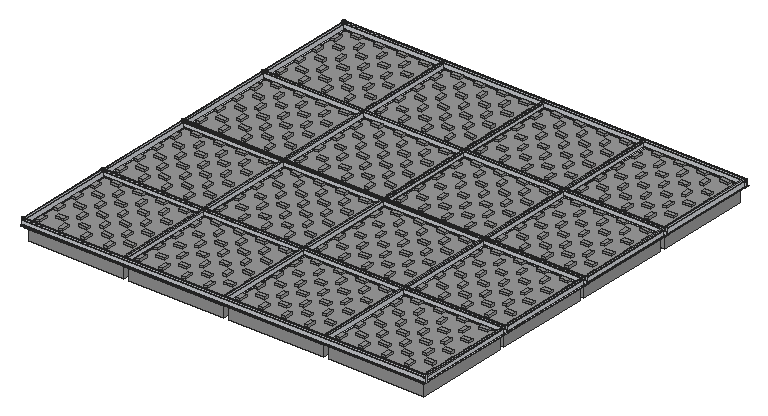
Revit family "GRD-FPG-011_RFA", category Modelos genéricos, Revit 2022 (continued)
Forms (in)
  Extrusion 764, solid
    from 0.55734 to 1.02978
  Extrusion 765, solid
    sketch origin (38.16033, -32.70438, 0) x (1, 0, 0) y (0, 1, 0)
      loop
        line (3.29187, 96.8986) -> (3.29187, 94.89864) -> (4.23675, 94.89864) -> (4.23675, 96.8986) -> (3.29187, 96.8986)
    from 0.55734 to 1.02978
  Extrusion 766, solid
    sketch origin (38.16033, -27.2531, 0) x (1, 0, 0) y (0, 1, 0)
      loop
        line (3.29187, 96.8986) -> (3.29187, 94.89864) -> (4.23675, 94.89864) -> (4.23675, 96.8986) -> (3.29187, 96.8986)
    from 0.55734 to 1.02978
  Extrusion 767, solid
    sketch origin (43.61158, -38.15567, 0) x (1, 0, 0) y (0, 1, 0)
      loop
        line (3.29187, 96.8986) -> (3.29187, 94.89864) -> (4.23675, 94.89864) -> (4.23675, 96.8986) -> (3.29187, 96.8986)
    from 0.55734 to 1.02978
  Extrusion 768, solid
    sketch origin (43.61158, -43.60694, 0) x (1, 0, 0) y (0, 1, 0)
      loop
        line (3.29187, 96.8986) -> (3.29187, 94.89864) -> (4.23675, 94.89864) -> (4.23675, 96.8986) -> (3.29187, 96.8986)
    from 0.55734 to 1.02978
  Extrusion 769, solid
    sketch origin (43.61158, -32.70438, 0) x (1, 0, 0) y (0, 1, 0)
      loop
        line (3.29187, 96.8986) -> (3.29187, 94.89864) -> (4.23675, 94.89864) -> (4.23675, 96.8986) -> (3.29187, 96.8986)
    from 0.55734 to 1.02978
  Extrusion 770, solid
    sketch origin (43.61158, -27.2531, 0) x (1, 0, 0) y (0, 1, 0)
      loop
        line (3.29187, 96.8986) -> (3.29187, 94.89864) -> (4.23675, 94.89864) -> (4.23675, 96.8986) -> (3.29187, 96.8986)
    from 0.55734 to 1.02978
  Extrusion 771, solid
    sketch origin (48.00458, -24, 0) x (1, 0, 0) y (0, 1, 0)
      loop
        line (3.29187, 95.84361) -> (3.29187, 94.89864) -> (5.29187, 94.89864) -> (5.29187, 95.84361) -> (3.29187, 95.84361)
    from 0.55734 to 1.02978
  Extrusion 772, solid
    sketch origin (53.45586, -24, 0) x (1, 0, 0) y (0, 1, 0)
      loop
        line (3.29187, 95.84361) -> (3.29187, 94.89864) -> (5.29187, 94.89864) -> (5.29187, 95.84361) -> (3.29187, 95.84361)
    from 0.55734 to 1.02978
  Extrusion 773, solid
    sketch origin (58.90714, -24, 0) x (1, 0, 0) y (0, 1, 0)
      loop
        line (3.29187, 95.84361) -> (3.29187, 94.89864) -> (5.29187, 94.89864) -> (5.29187, 95.84361) -> (3.29187, 95.84361)
    from 0.55734 to 1.02978
  Extrusion 774, solid
    sketch origin (64.35842, -24, 0) x (1, 0, 0) y (0, 1, 0)
      loop
        line (3.29187, 95.84361) -> (3.29187, 94.89864) -> (5.29187, 94.89864) -> (5.29187, 95.84361) -> (3.29187, 95.84361)
    from 0.55734 to 1.02978
  Extrusion 775, solid
    sketch origin (48.00458, -29.45125, 0) x (1, 0, 0) y (0, 1, 0)
      loop
        line (3.29187, 95.84361) -> (3.29187, 94.89864) -> (5.29187, 94.89864) -> (5.29187, 95.84361) -> (3.29187, 95.84361)
    from 0.55734 to 1.02978
  Extrusion 776, solid
    sketch origin (53.45586, -29.45125, 0) x (1, 0, 0) y (0, 1, 0)
      loop
        line (3.29187, 95.84361) -> (3.29187, 94.89864) -> (5.29187, 94.89864) -> (5.29187, 95.84361) -> (3.29187, 95.84361)
    from 0.55734 to 1.02978
  Extrusion 777, solid
    sketch origin (58.90714, -29.45125, 0) x (1, 0, 0) y (0, 1, 0)
      loop
        line (3.29187, 95.84361) -> (3.29187, 94.89864) -> (5.29187, 94.89864) -> (5.29187, 95.84361) -> (3.29187, 95.84361)
    from 0.55734 to 1.02978
  Extrusion 778, solid
    sketch origin (64.35842, -29.45125, 0) x (1, 0, 0) y (0, 1, 0)
      loop
        line (3.29187, 95.84361) -> (3.29187, 94.89864) -> (5.29187, 94.89864) -> (5.29187, 95.84361) -> (3.29187, 95.84361)
    from 0.55734 to 1.02978
  Extrusion 779, solid
    sketch origin (48.00458, -34.90252, 0) x (1, 0, 0) y (0, 1, 0)
      loop
        line (3.29187, 95.84361) -> (3.29187, 94.89864) -> (5.29187, 94.89864) -> (5.29187, 95.84361) -> (3.29187, 95.84361)
    from 0.55734 to 1.02978
  Extrusion 780, solid
    sketch origin (53.45586, -34.90252, 0) x (1, 0, 0) y (0, 1, 0)
      loop
        line (3.29187, 95.84361) -> (3.29187, 94.89864) -> (5.29187, 94.89864) -> (5.29187, 95.84361) -> (3.29187, 95.84361)
    from 0.55734 to 1.02978
  Extrusion 781, solid
    sketch origin (58.90714, -34.90252, 0) x (1, 0, 0) y (0, 1, 0)
      loop
        line (3.29187, 95.84361) -> (3.29187, 94.89864) -> (5.29187, 94.89864) -> (5.29187, 95.84361) -> (3.29187, 95.84361)
    from 0.55734 to 1.02978
  Extrusion 782, solid
    sketch origin (64.35842, -34.90252, 0) x (1, 0, 0) y (0, 1, 0)
      loop
        line (3.29187, 95.84361) -> (3.29187, 94.89864) -> (5.29187, 94.89864) -> (5.29187, 95.84361) -> (3.29187, 95.84361)
    from 0.55734 to 1.02978
  Extrusion 783, solid
    sketch origin (48.00458, -40.3538, 0) x (1, 0, 0) y (0, 1, 0)
      loop
        line (3.29187, 95.84361) -> (3.29187, 94.89864) -> (5.29187, 94.89864) -> (5.29187, 95.84361) -> (3.29187, 95.84361)
    from 0.55734 to 1.02978
  Extrusion 784, solid
    sketch origin (53.45586, -40.3538, 0) x (1, 0, 0) y (0, 1, 0)
      loop
        line (3.29187, 95.84361) -> (3.29187, 94.89864) -> (5.29187, 94.89864) -> (5.29187, 95.84361) -> (3.29187, 95.84361)
    from 0.55734 to 1.02978
  Extrusion 785, solid
    sketch origin (58.90714, -40.3538, 0) x (1, 0, 0) y (0, 1, 0)
      loop
        line (3.29187, 95.84361) -> (3.29187, 94.89864) -> (5.29187, 94.89864) -> (5.29187, 95.84361) -> (3.29187, 95.84361)
    from 0.55734 to 1.02978
  Extrusion 786, solid
    sketch origin (64.35842, -40.3538, 0) x (1, 0, 0) y (0, 1, 0)
      loop
        line (3.29187, 95.84361) -> (3.29187, 94.89864) -> (5.29187, 94.89864) -> (5.29187, 95.84361) -> (3.29187, 95.84361)
    from 0.55734 to 1.02978
  Extrusion 787, solid
    sketch origin (48.00458, -45.80504, 0) x (1, 0, 0) y (0, 1, 0)
      loop
        line (3.29187, 95.84361) -> (3.29187, 94.89864) -> (5.29187, 94.89864) -> (5.29187, 95.84361) -> (3.29187, 95.84361)
    from 0.55734 to 1.02978
  Extrusion 788, solid
    sketch origin (53.45586, -45.80504, 0) x (1, 0, 0) y (0, 1, 0)
      loop
        line (3.29187, 95.84361) -> (3.29187, 94.89864) -> (5.29187, 94.89864) -> (5.29187, 95.84361) -> (3.29187, 95.84361)
    from 0.55734 to 1.02978
  Extrusion 789, solid
    sketch origin (58.90714, -45.80504, 0) x (1, 0, 0) y (0, 1, 0)
      loop
        line (3.29187, 95.84361) -> (3.29187, 94.89864) -> (5.29187, 94.89864) -> (5.29187, 95.84361) -> (3.29187, 95.84361)
    from 0.55734 to 1.02978
  Extrusion 790, solid
    sketch origin (64.35842, -45.80504, 0) x (1, 0, 0) y (0, 1, 0)
      loop
        line (3.29187, 95.84361) -> (3.29187, 94.89864) -> (5.29187, 94.89864) -> (5.29187, 95.84361) -> (3.29187, 95.84361)
    from 0.55734 to 1.02978
  Extrusion 791, solid
    sketch origin (45.80644, -38.15567, 0) x (1, 0, 0) y (0, 1, 0)
      loop
        line (3.29187, 96.8986) -> (3.29187, 94.89864) -> (4.23675, 94.89864) -> (4.23675, 96.8986) -> (3.29187, 96.8986)
    from 0.55734 to 1.02978
  Extrusion 792, solid
    sketch origin (45.80644, -43.60694, 0) x (1, 0, 0) y (0, 1, 0)
      loop
        line (3.29187, 96.8986) -> (3.29187, 94.89864) -> (4.23675, 94.89864) -> (4.23675, 96.8986) -> (3.29187, 96.8986)
    from 0.55734 to 1.02978
  Extrusion 793, solid
    sketch origin (45.80644, -32.70438, 0) x (1, 0, 0) y (0, 1, 0)
      loop
        line (3.29187, 96.8986) -> (3.29187, 94.89864) -> (4.23675, 94.89864) -> (4.23675, 96.8986) -> (3.29187, 96.8986)
    from 0.55734 to 1.02978
  Extrusion 794, solid
    sketch origin (45.80644, -27.2531, 0) x (1, 0, 0) y (0, 1, 0)
      loop
        line (3.29187, 96.8986) -> (3.29187, 94.89864) -> (4.23675, 94.89864) -> (4.23675, 96.8986) -> (3.29187, 96.8986)
    from 0.55734 to 1.02978
  Extrusion 795, solid
    sketch origin (51.25778, -38.15567, 0) x (1, 0, 0) y (0, 1, 0)
      loop
        line (3.29187, 96.8986) -> (3.29187, 94.89864) -> (4.23675, 94.89864) -> (4.23675, 96.8986) -> (3.29187, 96.8986)
    from 0.55734 to 1.02978
  Extrusion 796, solid
    sketch origin (51.25778, -43.60694, 0) x (1, 0, 0) y (0, 1, 0)
      loop
        line (3.29187, 96.8986) -> (3.29187, 94.89864) -> (4.23675, 94.89864) -> (4.23675, 96.8986) -> (3.29187, 96.8986)
    from 0.55734 to 1.02978
  Extrusion 797, solid
    sketch origin (51.25778, -32.70438, 0) x (1, 0, 0) y (0, 1, 0)
      loop
        line (3.29187, 96.8986) -> (3.29187, 94.89864) -> (4.23675, 94.89864) -> (4.23675, 96.8986) -> (3.29187, 96.8986)
    from 0.55734 to 1.02978
  Extrusion 798, solid
    sketch origin (51.25778, -27.2531, 0) x (1, 0, 0) y (0, 1, 0)
      loop
        line (3.29187, 96.8986) -> (3.29187, 94.89864) -> (4.23675, 94.89864) -> (4.23675, 96.8986) -> (3.29187, 96.8986)
    from 0.55734 to 1.02978
  Extrusion 799, solid
    sketch origin (56.70905, -38.15567, 0) x (1, 0, 0) y (0, 1, 0)
      loop
        line (3.29187, 96.8986) -> (3.29187, 94.89864) -> (4.23675, 94.89864) -> (4.23675, 96.8986) -> (3.29187, 96.8986)
    from 0.55734 to 1.02978
  Extrusion 800, solid
    sketch origin (56.70905, -43.60694, 0) x (1, 0, 0) y (0, 1, 0)
      loop
        line (3.29187, 96.8986) -> (3.29187, 94.89864) -> (4.23675, 94.89864) -> (4.23675, 96.8986) -> (3.29187, 96.8986)
    from 0.55734 to 1.02978
  Extrusion 801, solid
    sketch origin (56.70905, -32.70438, 0) x (1, 0, 0) y (0, 1, 0)
      loop
        line (3.29187, 96.8986) -> (3.29187, 94.89864) -> (4.23675, 94.89864) -> (4.23675, 96.8986) -> (3.29187, 96.8986)
    from 0.55734 to 1.02978
  Extrusion 802, solid
    sketch origin (56.70905, -27.2531, 0) x (1, 0, 0) y (0, 1, 0)
      loop
        line (3.29187, 96.8986) -> (3.29187, 94.89864) -> (4.23675, 94.89864) -> (4.23675, 96.8986) -> (3.29187, 96.8986)
    from 0.55734 to 1.02978
  Extrusion 803, solid
    sketch origin (62.16033, -38.15567, 0) x (1, 0, 0) y (0, 1, 0)
      loop
        line (3.29187, 96.8986) -> (3.29187, 94.89864) -> (4.23675, 94.89864) -> (4.23675, 96.8986) -> (3.29187, 96.8986)
    from 0.55734 to 1.02978
  Extrusion 804, solid
    sketch origin (62.16033, -43.60694, 0) x (1, 0, 0) y (0, 1, 0)
      loop
        line (3.29187, 96.8986) -> (3.29187, 94.89864) -> (4.23675, 94.89864) -> (4.23675, 96.8986) -> (3.29187, 96.8986)
    from 0.55734 to 1.02978
  Extrusion 805, solid
    sketch origin (62.16033, -32.70438, 0) x (1, 0, 0) y (0, 1, 0)
      loop
        line (3.29187, 96.8986) -> (3.29187, 94.89864) -> (4.23675, 94.89864) -> (4.23675, 96.8986) -> (3.29187, 96.8986)
    from 0.55734 to 1.02978
  Extrusion 806, solid
    sketch origin (62.16033, -27.2531, 0) x (1, 0, 0) y (0, 1, 0)
      loop
        line (3.29187, 96.8986) -> (3.29187, 94.89864) -> (4.23675, 94.89864) -> (4.23675, 96.8986) -> (3.29187, 96.8986)
    from 0.55734 to 1.02978
  Extrusion 807, solid
    sketch origin (67.61158, -38.15567, 0) x (1, 0, 0) y (0, 1, 0)
      loop
        line (3.29187, 96.8986) -> (3.29187, 94.89864) -> (4.23675, 94.89864) -> (4.23675, 96.8986) -> (3.29187, 96.8986)
    from 0.55734 to 1.02978
  Extrusion 808, solid
    sketch origin (67.61158, -43.60694, 0) x (1, 0, 0) y (0, 1, 0)
      loop
        line (3.29187, 96.8986) -> (3.29187, 94.89864) -> (4.23675, 94.89864) -> (4.23675, 96.8986) -> (3.29187, 96.8986)
    from 0.55734 to 1.02978
  Extrusion 809, solid
    sketch origin (67.61158, -32.70438, 0) x (1, 0, 0) y (0, 1, 0)
      loop
        line (3.29187, 96.8986) -> (3.29187, 94.89864) -> (4.23675, 94.89864) -> (4.23675, 96.8986) -> (3.29187, 96.8986)
    from 0.55734 to 1.02978
  Extrusion 810, solid
    sketch origin (67.61158, -27.2531, 0) x (1, 0, 0) y (0, 1, 0)
      loop
        line (3.29187, 96.8986) -> (3.29187, 94.89864) -> (4.23675, 94.89864) -> (4.23675, 96.8986) -> (3.29187, 96.8986)
    from 0.55734 to 1.02978
  Extrusion 811, solid
    sketch origin (72.00458, -24, 0) x (1, 0, 0) y (0, 1, 0)
      loop
        line (3.29187, 95.84361) -> (3.29187, 94.89864) -> (5.29187, 94.89864) -> (5.29187, 95.84361) -> (3.29187, 95.84361)
    from 0.55734 to 1.02978
  Extrusion 812, solid
    sketch origin (77.45586, -24, 0) x (1, 0, 0) y (0, 1, 0)
      loop
        line (3.29187, 95.84361) -> (3.29187, 94.89864) -> (5.29187, 94.89864) -> (5.29187, 95.84361) -> (3.29187, 95.84361)
    from 0.55734 to 1.02978
  Extrusion 813, solid
    sketch origin (82.90714, -24, 0) x (1, 0, 0) y (0, 1, 0)
      loop
        line (3.29187, 95.84361) -> (3.29187, 94.89864) -> (5.29187, 94.89864) -> (5.29187, 95.84361) -> (3.29187, 95.84361)
    from 0.55734 to 1.02978
  Extrusion 814, solid
    sketch origin (88.35842, -24, 0) x (1, 0, 0) y (0, 1, 0)
      loop
        line (3.29187, 95.84361) -> (3.29187, 94.89864) -> (5.29187, 94.89864) -> (5.29187, 95.84361) -> (3.29187, 95.84361)
    from 0.55734 to 1.02978
  Extrusion 815, solid
    sketch origin (72.00458, -29.45125, 0) x (1, 0, 0) y (0, 1, 0)
      loop
        line (3.29187, 95.84361) -> (3.29187, 94.89864) -> (5.29187, 94.89864) -> (5.29187, 95.84361) -> (3.29187, 95.84361)
    from 0.55734 to 1.02978
  Extrusion 816, solid
    sketch origin (77.45586, -29.45125, 0) x (1, 0, 0) y (0, 1, 0)
      loop
        line (3.29187, 95.84361) -> (3.29187, 94.89864) -> (5.29187, 94.89864) -> (5.29187, 95.84361) -> (3.29187, 95.84361)
    from 0.55734 to 1.02978
  Extrusion 817, solid
    sketch origin (82.90714, -29.45125, 0) x (1, 0, 0) y (0, 1, 0)
      loop
        line (3.29187, 95.84361) -> (3.29187, 94.89864) -> (5.29187, 94.89864) -> (5.29187, 95.84361) -> (3.29187, 95.84361)
    from 0.55734 to 1.02978
  Extrusion 818, solid
    sketch origin (88.35842, -29.45125, 0) x (1, 0, 0) y (0, 1, 0)
      loop
        line (3.29187, 95.84361) -> (3.29187, 94.89864) -> (5.29187, 94.89864) -> (5.29187, 95.84361) -> (3.29187, 95.84361)
    from 0.55734 to 1.02978
  Extrusion 819, solid
    sketch origin (72.00458, -34.90252, 0) x (1, 0, 0) y (0, 1, 0)
      loop
        line (3.29187, 95.84361) -> (3.29187, 94.89864) -> (5.29187, 94.89864) -> (5.29187, 95.84361) -> (3.29187, 95.84361)
    from 0.55734 to 1.02978
  Extrusion 820, solid
    sketch origin (77.45586, -34.90252, 0) x (1, 0, 0) y (0, 1, 0)
      loop
        line (3.29187, 95.84361) -> (3.29187, 94.89864) -> (5.29187, 94.89864) -> (5.29187, 95.84361) -> (3.29187, 95.84361)
    from 0.55734 to 1.02978
  Extrusion 821, solid
    sketch origin (82.90714, -34.90252, 0) x (1, 0, 0) y (0, 1, 0)
      loop
        line (3.29187, 95.84361) -> (3.29187, 94.89864) -> (5.29187, 94.89864) -> (5.29187, 95.84361) -> (3.29187, 95.84361)
    from 0.55734 to 1.02978
  Extrusion 822, solid
    sketch origin (88.35842, -34.90252, 0) x (1, 0, 0) y (0, 1, 0)
      loop
        line (3.29187, 95.84361) -> (3.29187, 94.89864) -> (5.29187, 94.89864) -> (5.29187, 95.84361) -> (3.29187, 95.84361)
    from 0.55734 to 1.02978
  Extrusion 823, solid
    sketch origin (72.00458, -40.3538, 0) x (1, 0, 0) y (0, 1, 0)
      loop
        line (3.29187, 95.84361) -> (3.29187, 94.89864) -> (5.29187, 94.89864) -> (5.29187, 95.84361) -> (3.29187, 95.84361)
    from 0.55734 to 1.02978
  Extrusion 824, solid
    sketch origin (77.45586, -40.3538, 0) x (1, 0, 0) y (0, 1, 0)
      loop
        line (3.29187, 95.84361) -> (3.29187, 94.89864) -> (5.29187, 94.89864) -> (5.29187, 95.84361) -> (3.29187, 95.84361)
    from 0.55734 to 1.02978
  Extrusion 825, solid
    sketch origin (82.90714, -40.3538, 0) x (1, 0, 0) y (0, 1, 0)
      loop
        line (3.29187, 95.84361) -> (3.29187, 94.89864) -> (5.29187, 94.89864) -> (5.29187, 95.84361) -> (3.29187, 95.84361)
    from 0.55734 to 1.02978
  Extrusion 826, solid
    sketch origin (88.35842, -40.3538, 0) x (1, 0, 0) y (0, 1, 0)
      loop
        line (3.29187, 95.84361) -> (3.29187, 94.89864) -> (5.29187, 94.89864) -> (5.29187, 95.84361) -> (3.29187, 95.84361)
    from 0.55734 to 1.02978
  Extrusion 827, solid
    sketch origin (72.00458, -45.80504, 0) x (1, 0, 0) y (0, 1, 0)
      loop
        line (3.29187, 95.84361) -> (3.29187, 94.89864) -> (5.29187, 94.89864) -> (5.29187, 95.84361) -> (3.29187, 95.84361)
    from 0.55734 to 1.02978
  Extrusion 828, solid
    sketch origin (77.45586, -45.80504, 0) x (1, 0, 0) y (0, 1, 0)
      loop
        line (3.29187, 95.84361) -> (3.29187, 94.89864) -> (5.29187, 94.89864) -> (5.29187, 95.84361) -> (3.29187, 95.84361)
    from 0.55734 to 1.02978
  Extrusion 829, solid
    sketch origin (82.90714, -45.80504, 0) x (1, 0, 0) y (0, 1, 0)
      loop
        line (3.29187, 95.84361) -> (3.29187, 94.89864) -> (5.29187, 94.89864) -> (5.29187, 95.84361) -> (3.29187, 95.84361)
    from 0.55734 to 1.02978
  Extrusion 830, solid
    sketch origin (88.35842, -45.80504, 0) x (1, 0, 0) y (0, 1, 0)
      loop
        line (3.29187, 95.84361) -> (3.29187, 94.89864) -> (5.29187, 94.89864) -> (5.29187, 95.84361) -> (3.29187, 95.84361)
    from 0.55734 to 1.02978
  Extrusion 831, solid
    sketch origin (69.80644, -38.15567, 0) x (1, 0, 0) y (0, 1, 0)
      loop
        line (3.29187, 96.8986) -> (3.29187, 94.89864) -> (4.23675, 94.89864) -> (4.23675, 96.8986) -> (3.29187, 96.8986)
    from 0.55734 to 1.02978
  Extrusion 832, solid
    sketch origin (69.80644, -43.60694, 0) x (1, 0, 0) y (0, 1, 0)
      loop
        line (3.29187, 96.8986) -> (3.29187, 94.89864) -> (4.23675, 94.89864) -> (4.23675, 96.8986) -> (3.29187, 96.8986)
    from 0.55734 to 1.02978
  Extrusion 833, solid
    sketch origin (69.80644, -32.70438, 0) x (1, 0, 0) y (0, 1, 0)
      loop
        line (3.29187, 96.8986) -> (3.29187, 94.89864) -> (4.23675, 94.89864) -> (4.23675, 96.8986) -> (3.29187, 96.8986)
    from 0.55734 to 1.02978
  Extrusion 834, solid
    sketch origin (69.80644, -27.2531, 0) x (1, 0, 0) y (0, 1, 0)
      loop
        line (3.29187, 96.8986) -> (3.29187, 94.89864) -> (4.23675, 94.89864) -> (4.23675, 96.8986) -> (3.29187, 96.8986)
    from 0.55734 to 1.02978
  Extrusion 835, solid
    sketch origin (75.25778, -38.15567, 0) x (1, 0, 0) y (0, 1, 0)
      loop
        line (3.29187, 96.8986) -> (3.29187, 94.89864) -> (4.23675, 94.89864) -> (4.23675, 96.8986) -> (3.29187, 96.8986)
    from 0.55734 to 1.02978
  Extrusion 836, solid
    sketch origin (75.25778, -43.60694, 0) x (1, 0, 0) y (0, 1, 0)
      loop
        line (3.29187, 96.8986) -> (3.29187, 94.89864) -> (4.23675, 94.89864) -> (4.23675, 96.8986) -> (3.29187, 96.8986)
    from 0.55734 to 1.02978
  Extrusion 837, solid
    sketch origin (75.25778, -32.70438, 0) x (1, 0, 0) y (0, 1, 0)
      loop
        line (3.29187, 96.8986) -> (3.29187, 94.89864) -> (4.23675, 94.89864) -> (4.23675, 96.8986) -> (3.29187, 96.8986)
    from 0.55734 to 1.02978
  Extrusion 838, solid
    sketch origin (75.25778, -27.2531, 0) x (1, 0, 0) y (0, 1, 0)
      loop
        line (3.29187, 96.8986) -> (3.29187, 94.89864) -> (4.23675, 94.89864) -> (4.23675, 96.8986) -> (3.29187, 96.8986)
    from 0.55734 to 1.02978
  Extrusion 839, solid
    sketch origin (80.70905, -38.15567, 0) x (1, 0, 0) y (0, 1, 0)
      loop
        line (3.29187, 96.8986) -> (3.29187, 94.89864) -> (4.23675, 94.89864) -> (4.23675, 96.8986) -> (3.29187, 96.8986)
    from 0.55734 to 1.02978
  Extrusion 840, solid
    sketch origin (80.70905, -43.60694, 0) x (1, 0, 0) y (0, 1, 0)
      loop
        line (3.29187, 96.8986) -> (3.29187, 94.89864) -> (4.23675, 94.89864) -> (4.23675, 96.8986) -> (3.29187, 96.8986)
    from 0.55734 to 1.02978
  Extrusion 841, solid
    sketch origin (80.70905, -32.70438, 0) x (1, 0, 0) y (0, 1, 0)
      loop
        line (3.29187, 96.8986) -> (3.29187, 94.89864) -> (4.23675, 94.89864) -> (4.23675, 96.8986) -> (3.29187, 96.8986)
    from 0.55734 to 1.02978
  Extrusion 842, solid
    sketch origin (80.70905, -27.2531, 0) x (1, 0, 0) y (0, 1, 0)
      loop
        line (3.29187, 96.8986) -> (3.29187, 94.89864) -> (4.23675, 94.89864) -> (4.23675, 96.8986) -> (3.29187, 96.8986)
    from 0.55734 to 1.02978
  Extrusion 843, solid
    sketch origin (86.16033, -38.15567, 0) x (1, 0, 0) y (0, 1, 0)
      loop
        line (3.29187, 96.8986) -> (3.29187, 94.89864) -> (4.23675, 94.89864) -> (4.23675, 96.8986) -> (3.29187, 96.8986)
    from 0.55734 to 1.02978
  Extrusion 844, solid
    sketch origin (86.16033, -43.60694, 0) x (1, 0, 0) y (0, 1, 0)
      loop
        line (3.29187, 96.8986) -> (3.29187, 94.89864) -> (4.23675, 94.89864) -> (4.23675, 96.8986) -> (3.29187, 96.8986)
    from 0.55734 to 1.02978
  Extrusion 845, solid
    sketch origin (86.16033, -32.70438, 0) x (1, 0, 0) y (0, 1, 0)
      loop
        line (3.29187, 96.8986) -> (3.29187, 94.89864) -> (4.23675, 94.89864) -> (4.23675, 96.8986) -> (3.29187, 96.8986)
    from 0.55734 to 1.02978
  Extrusion 846, solid
    sketch origin (86.16033, -27.2531, 0) x (1, 0, 0) y (0, 1, 0)
      loop
        line (3.29187, 96.8986) -> (3.29187, 94.89864) -> (4.23675, 94.89864) -> (4.23675, 96.8986) -> (3.29187, 96.8986)
    from 0.55734 to 1.02978
  Extrusion 847, solid
    sketch origin (91.61158, -38.15567, 0) x (1, 0, 0) y (0, 1, 0)
      loop
        line (3.29187, 96.8986) -> (3.29187, 94.89864) -> (4.23675, 94.89864) -> (4.23675, 96.8986) -> (3.29187, 96.8986)
    from 0.55734 to 1.02978
  Extrusion 848, solid
    sketch origin (91.61158, -43.60694, 0) x (1, 0, 0) y (0, 1, 0)
      loop
        line (3.29187, 96.8986) -> (3.29187, 94.89864) -> (4.23675, 94.89864) -> (4.23675, 96.8986) -> (3.29187, 96.8986)
    from 0.55734 to 1.02978
  Extrusion 849, solid
    sketch origin (91.61158, -32.70438, 0) x (1, 0, 0) y (0, 1, 0)
      loop
        line (3.29187, 96.8986) -> (3.29187, 94.89864) -> (4.23675, 94.89864) -> (4.23675, 96.8986) -> (3.29187, 96.8986)
    from 0.55734 to 1.02978
  Extrusion 850, solid
    sketch origin (91.61158, -27.2531, 0) x (1, 0, 0) y (0, 1, 0)
      loop
        line (3.29187, 96.8986) -> (3.29187, 94.89864) -> (4.23675, 94.89864) -> (4.23675, 96.8986) -> (3.29187, 96.8986)
    from 0.55734 to 1.02978
  Extrusion 851, solid
    sketch origin (24.00458, 0, 0) x (1, 0, 0) y (0, 1, 0)
      loop
        line (3.29187, 95.84361) -> (3.29187, 94.89864) -> (5.29187, 94.89864) -> (5.29187, 95.84361) -> (3.29187, 95.84361)
    from 0.55734 to 1.02978
  Extrusion 852, solid
    sketch origin (29.45586, 0, 0) x (1, 0, 0) y (0, 1, 0)
      loop
        line (3.29187, 95.84361) -> (3.29187, 94.89864) -> (5.29187, 94.89864) -> (5.29187, 95.84361) -> (3.29187, 95.84361)
    from 0.55734 to 1.02978
  Extrusion 853, solid
    sketch origin (34.90714, 0, 0) x (1, 0, 0) y (0, 1, 0)
      loop
        line (3.29187, 95.84361) -> (3.29187, 94.89864) -> (5.29187, 94.89864) -> (5.29187, 95.84361) -> (3.29187, 95.84361)
    from 0.55734 to 1.02978
  Extrusion 854, solid
    sketch origin (40.35842, 0, 0) x (1, 0, 0) y (0, 1, 0)
      loop
        line (3.29187, 95.84361) -> (3.29187, 94.89864) -> (5.29187, 94.89864) -> (5.29187, 95.84361) -> (3.29187, 95.84361)
    from 0.55734 to 1.02978
  Extrusion 855, solid
    sketch origin (24.00458, -5.45125, 0) x (1, 0, 0) y (0, 1, 0)
      loop
        line (3.29187, 95.84361) -> (3.29187, 94.89864) -> (5.29187, 94.89864) -> (5.29187, 95.84361) -> (3.29187, 95.84361)
    from 0.55734 to 1.02978
  Extrusion 856, solid
    sketch origin (29.45586, -5.45125, 0) x (1, 0, 0) y (0, 1, 0)
      loop
        line (3.29187, 95.84361) -> (3.29187, 94.89864) -> (5.29187, 94.89864) -> (5.29187, 95.84361) -> (3.29187, 95.84361)
    from 0.55734 to 1.02978
  Extrusion 857, solid
    sketch origin (34.90714, -5.45125, 0) x (1, 0, 0) y (0, 1, 0)
      loop
        line (3.29187, 95.84361) -> (3.29187, 94.89864) -> (5.29187, 94.89864) -> (5.29187, 95.84361) -> (3.29187, 95.84361)
    from 0.55734 to 1.02978
  Extrusion 858, solid
    sketch origin (40.35842, -5.45125, 0) x (1, 0, 0) y (0, 1, 0)
      loop
        line (3.29187, 95.84361) -> (3.29187, 94.89864) -> (5.29187, 94.89864) -> (5.29187, 95.84361) -> (3.29187, 95.84361)
    from 0.55734 to 1.02978
  Extrusion 859, solid
    sketch origin (24.00458, -10.90252, 0) x (1, 0, 0) y (0, 1, 0)
      loop
        line (3.29187, 95.84361) -> (3.29187, 94.89864) -> (5.29187, 94.89864) -> (5.29187, 95.84361) -> (3.29187, 95.84361)
    from 0.55734 to 1.02978
  Extrusion 860, solid
    sketch origin (29.45586, -10.90252, 0) x (1, 0, 0) y (0, 1, 0)
      loop
        line (3.29187, 95.84361) -> (3.29187, 94.89864) -> (5.29187, 94.89864) -> (5.29187, 95.84361) -> (3.29187, 95.84361)
    from 0.55734 to 1.02978
  Extrusion 861, solid
    sketch origin (34.90714, -10.90252, 0) x (1, 0, 0) y (0, 1, 0)
      loop
        line (3.29187, 95.84361) -> (3.29187, 94.89864) -> (5.29187, 94.89864) -> (5.29187, 95.84361) -> (3.29187, 95.84361)
    from 0.55734 to 1.02978
  Extrusion 862, solid
    sketch origin (40.35842, -10.90252, 0) x (1, 0, 0) y (0, 1, 0)
      loop
        line (3.29187, 95.84361) -> (3.29187, 94.89864) -> (5.29187, 94.89864) -> (5.29187, 95.84361) -> (3.29187, 95.84361)
    from 0.55734 to 1.02978
  Extrusion 863, solid
    sketch origin (24.00458, -16.3538, 0) x (1, 0, 0) y (0, 1, 0)
      loop
        line (3.29187, 95.84361) -> (3.29187, 94.89864) -> (5.29187, 94.89864) -> (5.29187, 95.84361) -> (3.29187, 95.84361)
    from 0.55734 to 1.02978
  Extrusion 864, solid
    sketch origin (29.45586, -16.3538, 0) x (1, 0, 0) y (0, 1, 0)
      loop
        line (3.29187, 95.84361) -> (3.29187, 94.89864) -> (5.29187, 94.89864) -> (5.29187, 95.84361) -> (3.29187, 95.84361)
    from 0.55734 to 1.02978
  Extrusion 865, solid
    sketch origin (34.90714, -16.3538, 0) x (1, 0, 0) y (0, 1, 0)
      loop
        line (3.29187, 95.84361) -> (3.29187, 94.89864) -> (5.29187, 94.89864) -> (5.29187, 95.84361) -> (3.29187, 95.84361)
    from 0.55734 to 1.02978
  Extrusion 866, solid
    sketch origin (40.35842, -16.3538, 0) x (1, 0, 0) y (0, 1, 0)
      loop
        line (3.29187, 95.84361) -> (3.29187, 94.89864) -> (5.29187, 94.89864) -> (5.29187, 95.84361) -> (3.29187, 95.84361)
    from 0.55734 to 1.02978
  Extrusion 867, solid
    sketch origin (24.00458, -21.80504, 0) x (1, 0, 0) y (0, 1, 0)
      loop
        line (3.29187, 95.84361) -> (3.29187, 94.89864) -> (5.29187, 94.89864) -> (5.29187, 95.84361) -> (3.29187, 95.84361)
    from 0.55734 to 1.02978
  Extrusion 868, solid
    sketch origin (29.45586, -21.80504, 0) x (1, 0, 0) y (0, 1, 0)
      loop
        line (3.29187, 95.84361) -> (3.29187, 94.89864) -> (5.29187, 94.89864) -> (5.29187, 95.84361) -> (3.29187, 95.84361)
    from 0.55734 to 1.02978
  Extrusion 869, solid
    sketch origin (34.90714, -21.80504, 0) x (1, 0, 0) y (0, 1, 0)
      loop
        line (3.29187, 95.84361) -> (3.29187, 94.89864) -> (5.29187, 94.89864) -> (5.29187, 95.84361) -> (3.29187, 95.84361)
    from 0.55734 to 1.02978
  Extrusion 870, solid
    sketch origin (40.35842, -21.80504, 0) x (1, 0, 0) y (0, 1, 0)
      loop
        line (3.29187, 95.84361) -> (3.29187, 94.89864) -> (5.29187, 94.89864) -> (5.29187, 95.84361) -> (3.29187, 95.84361)
    from 0.55734 to 1.02978
  Extrusion 871, solid
    sketch origin (21.80644, -14.15567, 0) x (1, 0, 0) y (0, 1, 0)
      loop
        line (3.29187, 96.8986) -> (3.29187, 94.89864) -> (4.23675, 94.89864) -> (4.23675, 96.8986) -> (3.29187, 96.8986)
    from 0.55734 to 1.02978
  Extrusion 872, solid
    sketch origin (21.80644, -19.60694, 0) x (1, 0, 0) y (0, 1, 0)
      loop
        line (3.29187, 96.8986) -> (3.29187, 94.89864) -> (4.23675, 94.89864) -> (4.23675, 96.8986) -> (3.29187, 96.8986)
    from 0.55734 to 1.02978
  Extrusion 873, solid
    sketch origin (21.80644, -8.70438, 0) x (1, 0, 0) y (0, 1, 0)
      loop
        line (3.29187, 96.8986) -> (3.29187, 94.89864) -> (4.23675, 94.89864) -> (4.23675, 96.8986) -> (3.29187, 96.8986)
    from 0.55734 to 1.02978
  Extrusion 874, solid
    sketch origin (21.80644, -3.2531, 0) x (1, 0, 0) y (0, 1, 0)
      loop
        line (3.29187, 96.8986) -> (3.29187, 94.89864) -> (4.23675, 94.89864) -> (4.23675, 96.8986) -> (3.29187, 96.8986)
    from 0.55734 to 1.02978
  Extrusion 875, solid
    sketch origin (27.25778, -14.15567, 0) x (1, 0, 0) y (0, 1, 0)
      loop
        line (3.29187, 96.8986) -> (3.29187, 94.89864) -> (4.23675, 94.89864) -> (4.23675, 96.8986) -> (3.29187, 96.8986)
    from 0.55734 to 1.02978
  Extrusion 876, solid
    sketch origin (27.25778, -19.60694, 0) x (1, 0, 0) y (0, 1, 0)
      loop
        line (3.29187, 96.8986) -> (3.29187, 94.89864) -> (4.23675, 94.89864) -> (4.23675, 96.8986) -> (3.29187, 96.8986)
    from 0.55734 to 1.02978
  Extrusion 877, solid
    sketch origin (27.25778, -8.70438, 0) x (1, 0, 0) y (0, 1, 0)
      loop
        line (3.29187, 96.8986) -> (3.29187, 94.89864) -> (4.23675, 94.89864) -> (4.23675, 96.8986) -> (3.29187, 96.8986)
    from 0.55734 to 1.02978
  Extrusion 878, solid
    sketch origin (27.25778, -3.2531, 0) x (1, 0, 0) y (0, 1, 0)
      loop
        line (3.29187, 96.8986) -> (3.29187, 94.89864) -> (4.23675, 94.89864) -> (4.23675, 96.8986) -> (3.29187, 96.8986)
    from 0.55734 to 1.02978
  Extrusion 879, solid
    sketch origin (32.70905, -14.15567, 0) x (1, 0, 0) y (0, 1, 0)
      loop
        line (3.29187, 96.8986) -> (3.29187, 94.89864) -> (4.23675, 94.89864) -> (4.23675, 96.8986) -> (3.29187, 96.8986)
    from 0.55734 to 1.02978
  Extrusion 880, solid
    sketch origin (32.70905, -19.60694, 0) x (1, 0, 0) y (0, 1, 0)
      loop
        line (3.29187, 96.8986) -> (3.29187, 94.89864) -> (4.23675, 94.89864) -> (4.23675, 96.8986) -> (3.29187, 96.8986)
    from 0.55734 to 1.02978
  Extrusion 881, solid
    sketch origin (32.70905, -8.70438, 0) x (1, 0, 0) y (0, 1, 0)
      loop
        line (3.29187, 96.8986) -> (3.29187, 94.89864) -> (4.23675, 94.89864) -> (4.23675, 96.8986) -> (3.29187, 96.8986)
    from 0.55734 to 1.02978
  Extrusion 882, solid
    sketch origin (32.70905, -3.2531, 0) x (1, 0, 0) y (0, 1, 0)
      loop
        line (3.29187, 96.8986) -> (3.29187, 94.89864) -> (4.23675, 94.89864) -> (4.23675, 96.8986) -> (3.29187, 96.8986)
    from 0.55734 to 1.02978
  Extrusion 883, solid
    sketch origin (38.16033, -14.15567, 0) x (1, 0, 0) y (0, 1, 0)
      loop
        line (3.29187, 96.8986) -> (3.29187, 94.89864) -> (4.23675, 94.89864) -> (4.23675, 96.8986) -> (3.29187, 96.8986)
    from 0.55734 to 1.02978
  Extrusion 884, solid
    sketch origin (38.16033, -19.60694, 0) x (1, 0, 0) y (0, 1, 0)
      loop
        line (3.29187, 96.8986) -> (3.29187, 94.89864) -> (4.23675, 94.89864) -> (4.23675, 96.8986) -> (3.29187, 96.8986)
    from 0.55734 to 1.02978
  Extrusion 885, solid
    sketch origin (38.16033, -8.70438, 0) x (1, 0, 0) y (0, 1, 0)
      loop
        line (3.29187, 96.8986) -> (3.29187, 94.89864) -> (4.23675, 94.89864) -> (4.23675, 96.8986) -> (3.29187, 96.8986)
    from 0.55734 to 1.02978
  Extrusion 886, solid
    sketch origin (38.16033, -3.2531, 0) x (1, 0, 0) y (0, 1, 0)
      loop
        line (3.29187, 96.8986) -> (3.29187, 94.89864) -> (4.23675, 94.89864) -> (4.23675, 96.8986) -> (3.29187, 96.8986)
    from 0.55734 to 1.02978
  Extrusion 887, solid
    sketch origin (43.61158, -14.15567, 0) x (1, 0, 0) y (0, 1, 0)
      loop
        line (3.29187, 96.8986) -> (3.29187, 94.89864) -> (4.23675, 94.89864) -> (4.23675, 96.8986) -> (3.29187, 96.8986)
    from 0.55734 to 1.02978
  Extrusion 888, solid
    sketch origin (43.61158, -19.60694, 0) x (1, 0, 0) y (0, 1, 0)
      loop
        line (3.29187, 96.8986) -> (3.29187, 94.89864) -> (4.23675, 94.89864) -> (4.23675, 96.8986) -> (3.29187, 96.8986)
    from 0.55734 to 1.02978
  Extrusion 889, solid
    sketch origin (43.61158, -8.70438, 0) x (1, 0, 0) y (0, 1, 0)
      loop
        line (3.29187, 96.8986) -> (3.29187, 94.89864) -> (4.23675, 94.89864) -> (4.23675, 96.8986) -> (3.29187, 96.8986)
    from 0.55734 to 1.02978
  Extrusion 890, solid
    sketch origin (43.61158, -3.2531, 0) x (1, 0, 0) y (0, 1, 0)
      loop
        line (3.29187, 96.8986) -> (3.29187, 94.89864) -> (4.23675, 94.89864) -> (4.23675, 96.8986) -> (3.29187, 96.8986)
    from 0.55734 to 1.02978
  Extrusion 891, solid
    sketch origin (48.00458, 0, 0) x (1, 0, 0) y (0, 1, 0)
      loop
        line (3.29187, 95.84361) -> (3.29187, 94.89864) -> (5.29187, 94.89864) -> (5.29187, 95.84361) -> (3.29187, 95.84361)
    from 0.55734 to 1.02978
  Extrusion 892, solid
    sketch origin (53.45586, 0, 0) x (1, 0, 0) y (0, 1, 0)
      loop
        line (3.29187, 95.84361) -> (3.29187, 94.89864) -> (5.29187, 94.89864) -> (5.29187, 95.84361) -> (3.29187, 95.84361)
    from 0.55734 to 1.02978
  Extrusion 893, solid
    sketch origin (58.90714, 0, 0) x (1, 0, 0) y (0, 1, 0)
      loop
        line (3.29187, 95.84361) -> (3.29187, 94.89864) -> (5.29187, 94.89864) -> (5.29187, 95.84361) -> (3.29187, 95.84361)
    from 0.55734 to 1.02978
  Extrusion 894, solid
    sketch origin (64.35842, 0, 0) x (1, 0, 0) y (0, 1, 0)
      loop
        line (3.29187, 95.84361) -> (3.29187, 94.89864) -> (5.29187, 94.89864) -> (5.29187, 95.84361) -> (3.29187, 95.84361)
    from 0.55734 to 1.02978
  Extrusion 895, solid
    sketch origin (48.00458, -5.45125, 0) x (1, 0, 0) y (0, 1, 0)
      loop
        line (3.29187, 95.84361) -> (3.29187, 94.89864) -> (5.29187, 94.89864) -> (5.29187, 95.84361) -> (3.29187, 95.84361)
    from 0.55734 to 1.02978
  Extrusion 896, solid
    sketch origin (53.45586, -5.45125, 0) x (1, 0, 0) y (0, 1, 0)
      loop
        line (3.29187, 95.84361) -> (3.29187, 94.89864) -> (5.29187, 94.89864) -> (5.29187, 95.84361) -> (3.29187, 95.84361)
    from 0.55734 to 1.02978
  Extrusion 897, solid
    sketch origin (58.90714, -5.45125, 0) x (1, 0, 0) y (0, 1, 0)
      loop
        line (3.29187, 95.84361) -> (3.29187, 94.89864) -> (5.29187, 94.89864) -> (5.29187, 95.84361) -> (3.29187, 95.84361)
    from 0.55734 to 1.02978
  Extrusion 898, solid
    sketch origin (64.35842, -5.45125, 0) x (1, 0, 0) y (0, 1, 0)
      loop
        line (3.29187, 95.84361) -> (3.29187, 94.89864) -> (5.29187, 94.89864) -> (5.29187, 95.84361) -> (3.29187, 95.84361)
    from 0.55734 to 1.02978
  Extrusion 899, solid
    sketch origin (48.00458, -10.90252, 0) x (1, 0, 0) y (0, 1, 0)
      loop
        line (3.29187, 95.84361) -> (3.29187, 94.89864) -> (5.29187, 94.89864) -> (5.29187, 95.84361) -> (3.29187, 95.84361)
    from 0.55734 to 1.02978
  Extrusion 900, solid
    sketch origin (53.45586, -10.90252, 0) x (1, 0, 0) y (0, 1, 0)
      loop
        line (3.29187, 95.84361) -> (3.29187, 94.89864) -> (5.29187, 94.89864) -> (5.29187, 95.84361) -> (3.29187, 95.84361)
    from 0.55734 to 1.02978
  Extrusion 901, solid
    sketch origin (58.90714, -10.90252, 0) x (1, 0, 0) y (0, 1, 0)
      loop
        line (3.29187, 95.84361) -> (3.29187, 94.89864) -> (5.29187, 94.89864) -> (5.29187, 95.84361) -> (3.29187, 95.84361)
    from 0.55734 to 1.02978
  Extrusion 902, solid
    sketch origin (64.35842, -10.90252, 0) x (1, 0, 0) y (0, 1, 0)
      loop
        line (3.29187, 95.84361) -> (3.29187, 94.89864) -> (5.29187, 94.89864) -> (5.29187, 95.84361) -> (3.29187, 95.84361)
    from 0.55734 to 1.02978
  Extrusion 903, solid
    sketch origin (48.00458, -16.3538, 0) x (1, 0, 0) y (0, 1, 0)
      loop
        line (3.29187, 95.84361) -> (3.29187, 94.89864) -> (5.29187, 94.89864) -> (5.29187, 95.84361) -> (3.29187, 95.84361)
    from 0.55734 to 1.02978
  Extrusion 904, solid
    sketch origin (53.45586, -16.3538, 0) x (1, 0, 0) y (0, 1, 0)
      loop
        line (3.29187, 95.84361) -> (3.29187, 94.89864) -> (5.29187, 94.89864) -> (5.29187, 95.84361) -> (3.29187, 95.84361)
    from 0.55734 to 1.02978
  Extrusion 905, solid
    sketch origin (58.90714, -16.3538, 0) x (1, 0, 0) y (0, 1, 0)
      loop
        line (3.29187, 95.84361) -> (3.29187, 94.89864) -> (5.29187, 94.89864) -> (5.29187, 95.84361) -> (3.29187, 95.84361)
    from 0.55734 to 1.02978
  Extrusion 906, solid
    sketch origin (64.35842, -16.3538, 0) x (1, 0, 0) y (0, 1, 0)
      loop
        line (3.29187, 95.84361) -> (3.29187, 94.89864) -> (5.29187, 94.89864) -> (5.29187, 95.84361) -> (3.29187, 95.84361)
    from 0.55734 to 1.02978
  Extrusion 907, solid
    sketch origin (48.00458, -21.80504, 0) x (1, 0, 0) y (0, 1, 0)
      loop
        line (3.29187, 95.84361) -> (3.29187, 94.89864) -> (5.29187, 94.89864) -> (5.29187, 95.84361) -> (3.29187, 95.84361)
    from 0.55734 to 1.02978
  Extrusion 908, solid
    sketch origin (53.45586, -21.80504, 0) x (1, 0, 0) y (0, 1, 0)
      loop
        line (3.29187, 95.84361) -> (3.29187, 94.89864) -> (5.29187, 94.89864) -> (5.29187, 95.84361) -> (3.29187, 95.84361)
    from 0.55734 to 1.02978
  Extrusion 909, solid
    sketch origin (58.90714, -21.80504, 0) x (1, 0, 0) y (0, 1, 0)
      loop
        line (3.29187, 95.84361) -> (3.29187, 94.89864) -> (5.29187, 94.89864) -> (5.29187, 95.84361) -> (3.29187, 95.84361)
    from 0.55734 to 1.02978
  Extrusion 910, solid
    sketch origin (64.35842, -21.80504, 0) x (1, 0, 0) y (0, 1, 0)
      loop
        line (3.29187, 95.84361) -> (3.29187, 94.89864) -> (5.29187, 94.89864) -> (5.29187, 95.84361) -> (3.29187, 95.84361)
    from 0.55734 to 1.02978
  Extrusion 911, solid
    sketch origin (45.80644, -14.15567, 0) x (1, 0, 0) y (0, 1, 0)
      loop
        line (3.29187, 96.8986) -> (3.29187, 94.89864) -> (4.23675, 94.89864) -> (4.23675, 96.8986) -> (3.29187, 96.8986)
    from 0.55734 to 1.02978
  Extrusion 912, solid
    sketch origin (45.80644, -19.60694, 0) x (1, 0, 0) y (0, 1, 0)
      loop
        line (3.29187, 96.8986) -> (3.29187, 94.89864) -> (4.23675, 94.89864) -> (4.23675, 96.8986) -> (3.29187, 96.8986)
    from 0.55734 to 1.02978
  Extrusion 913, solid
    sketch origin (45.80644, -8.70438, 0) x (1, 0, 0) y (0, 1, 0)
      loop
        line (3.29187, 96.8986) -> (3.29187, 94.89864) -> (4.23675, 94.89864) -> (4.23675, 96.8986) -> (3.29187, 96.8986)
    from 0.55734 to 1.02978
  Extrusion 914, solid
    sketch origin (45.80644, -3.2531, 0) x (1, 0, 0) y (0, 1, 0)
      loop
        line (3.29187, 96.8986) -> (3.29187, 94.89864) -> (4.23675, 94.89864) -> (4.23675, 96.8986) -> (3.29187, 96.8986)
    from 0.55734 to 1.02978
  Extrusion 915, solid
    sketch origin (51.25778, -14.15567, 0) x (1, 0, 0) y (0, 1, 0)
      loop
        line (3.29187, 96.8986) -> (3.29187, 94.89864) -> (4.23675, 94.89864) -> (4.23675, 96.8986) -> (3.29187, 96.8986)
    from 0.55734 to 1.02978
  Extrusion 916, solid
    sketch origin (51.25778, -19.60694, 0) x (1, 0, 0) y (0, 1, 0)
      loop
        line (3.29187, 96.8986) -> (3.29187, 94.89864) -> (4.23675, 94.89864) -> (4.23675, 96.8986) -> (3.29187, 96.8986)
    from 0.55734 to 1.02978
  Extrusion 917, solid
    sketch origin (51.25778, -8.70438, 0) x (1, 0, 0) y (0, 1, 0)
      loop
        line (3.29187, 96.8986) -> (3.29187, 94.89864) -> (4.23675, 94.89864) -> (4.23675, 96.8986) -> (3.29187, 96.8986)
    from 0.55734 to 1.02978
  Extrusion 918, solid
    sketch origin (51.25778, -3.2531, 0) x (1, 0, 0) y (0, 1, 0)
      loop
        line (3.29187, 96.8986) -> (3.29187, 94.89864) -> (4.23675, 94.89864) -> (4.23675, 96.8986) -> (3.29187, 96.8986)
    from 0.55734 to 1.02978
  Extrusion 919, solid
    sketch origin (56.70905, -14.15567, 0) x (1, 0, 0) y (0, 1, 0)
      loop
        line (3.29187, 96.8986) -> (3.29187, 94.89864) -> (4.23675, 94.89864) -> (4.23675, 96.8986) -> (3.29187, 96.8986)
    from 0.55734 to 1.02978
  Extrusion 920, solid
    sketch origin (56.70905, -19.60694, 0) x (1, 0, 0) y (0, 1, 0)
      loop
        line (3.29187, 96.8986) -> (3.29187, 94.89864) -> (4.23675, 94.89864) -> (4.23675, 96.8986) -> (3.29187, 96.8986)
    from 0.55734 to 1.02978
  Extrusion 921, solid
    sketch origin (56.70905, -8.70438, 0) x (1, 0, 0) y (0, 1, 0)
      loop
        line (3.29187, 96.8986) -> (3.29187, 94.89864) -> (4.23675, 94.89864) -> (4.23675, 96.8986) -> (3.29187, 96.8986)
    from 0.55734 to 1.02978
  Extrusion 922, solid
    sketch origin (56.70905, -3.2531, 0) x (1, 0, 0) y (0, 1, 0)
      loop
        line (3.29187, 96.8986) -> (3.29187, 94.89864) -> (4.23675, 94.89864) -> (4.23675, 96.8986) -> (3.29187, 96.8986)
    from 0.55734 to 1.02978
  Extrusion 923, solid
    sketch origin (62.16033, -14.15567, 0) x (1, 0, 0) y (0, 1, 0)
      loop
        line (3.29187, 96.8986) -> (3.29187, 94.89864) -> (4.23675, 94.89864) -> (4.23675, 96.8986) -> (3.29187, 96.8986)
    from 0.55734 to 1.02978
  Extrusion 924, solid
    sketch origin (62.16033, -19.60694, 0) x (1, 0, 0) y (0, 1, 0)
      loop
        line (3.29187, 96.8986) -> (3.29187, 94.89864) -> (4.23675, 94.89864) -> (4.23675, 96.8986) -> (3.29187, 96.8986)
    from 0.55734 to 1.02978
  Extrusion 925, solid
    sketch origin (62.16033, -8.70438, 0) x (1, 0, 0) y (0, 1, 0)
      loop
        line (3.29187, 96.8986) -> (3.29187, 94.89864) -> (4.23675, 94.89864) -> (4.23675, 96.8986) -> (3.29187, 96.8986)
    from 0.55734 to 1.02978
  Extrusion 926, solid
    sketch origin (62.16033, -3.2531, 0) x (1, 0, 0) y (0, 1, 0)
      loop
        line (3.29187, 96.8986) -> (3.29187, 94.89864) -> (4.23675, 94.89864) -> (4.23675, 96.8986) -> (3.29187, 96.8986)
    from 0.55734 to 1.02978
  Extrusion 927, solid
    sketch origin (67.61158, -14.15567, 0) x (1, 0, 0) y (0, 1, 0)
      loop
        line (3.29187, 96.8986) -> (3.29187, 94.89864) -> (4.23675, 94.89864) -> (4.23675, 96.8986) -> (3.29187, 96.8986)
    from 0.55734 to 1.02978
  Extrusion 928, solid
    sketch origin (67.61158, -19.60694, 0) x (1, 0, 0) y (0, 1, 0)
      loop
        line (3.29187, 96.8986) -> (3.29187, 94.89864) -> (4.23675, 94.89864) -> (4.23675, 96.8986) -> (3.29187, 96.8986)
    from 0.55734 to 1.02978
  Extrusion 929, solid
    sketch origin (67.61158, -8.70438, 0) x (1, 0, 0) y (0, 1, 0)
      loop
        line (3.29187, 96.8986) -> (3.29187, 94.89864) -> (4.23675, 94.89864) -> (4.23675, 96.8986) -> (3.29187, 96.8986)
    from 0.55734 to 1.02978
  Extrusion 930, solid
    sketch origin (67.61158, -3.2531, 0) x (1, 0, 0) y (0, 1, 0)
      loop
        line (3.29187, 96.8986) -> (3.29187, 94.89864) -> (4.23675, 94.89864) -> (4.23675, 96.8986) -> (3.29187, 96.8986)
    from 0.55734 to 1.02978
  Extrusion 931, solid
    sketch origin (72.00458, 0, 0) x (1, 0, 0) y (0, 1, 0)
      loop
        line (3.29187, 95.84361) -> (3.29187, 94.89864) -> (5.29187, 94.89864) -> (5.29187, 95.84361) -> (3.29187, 95.84361)
    from 0.55734 to 1.02978
  Extrusion 932, solid
    sketch origin (77.45586, 0, 0) x (1, 0, 0) y (0, 1, 0)
      loop
        line (3.29187, 95.84361) -> (3.29187, 94.89864) -> (5.29187, 94.89864) -> (5.29187, 95.84361) -> (3.29187, 95.84361)
    from 0.55734 to 1.02978
  Extrusion 933, solid
    sketch origin (82.90714, 0, 0) x (1, 0, 0) y (0, 1, 0)
      loop
        line (3.29187, 95.84361) -> (3.29187, 94.89864) -> (5.29187, 94.89864) -> (5.29187, 95.84361) -> (3.29187, 95.84361)
    from 0.55734 to 1.02978
  Extrusion 934, solid
    sketch origin (88.35842, 0, 0) x (1, 0, 0) y (0, 1, 0)
      loop
        line (3.29187, 95.84361) -> (3.29187, 94.89864) -> (5.29187, 94.89864) -> (5.29187, 95.84361) -> (3.29187, 95.84361)
    from 0.55734 to 1.02978
  Extrusion 935, solid
    sketch origin (72.00458, -5.45125, 0) x (1, 0, 0) y (0, 1, 0)
      loop
        line (3.29187, 95.84361) -> (3.29187, 94.89864) -> (5.29187, 94.89864) -> (5.29187, 95.84361) -> (3.29187, 95.84361)
    from 0.55734 to 1.02978
  Extrusion 936, solid
    sketch origin (77.45586, -5.45125, 0) x (1, 0, 0) y (0, 1, 0)
      loop
        line (3.29187, 95.84361) -> (3.29187, 94.89864) -> (5.29187, 94.89864) -> (5.29187, 95.84361) -> (3.29187, 95.84361)
    from 0.55734 to 1.02978
  Extrusion 937, solid
    sketch origin (82.90714, -5.45125, 0) x (1, 0, 0) y (0, 1, 0)
      loop
        line (3.29187, 95.84361) -> (3.29187, 94.89864) -> (5.29187, 94.89864) -> (5.29187, 95.84361) -> (3.29187, 95.84361)
    from 0.55734 to 1.02978
  Extrusion 938, solid
    sketch origin (88.35842, -5.45125, 0) x (1, 0, 0) y (0, 1, 0)
      loop
        line (3.29187, 95.84361) -> (3.29187, 94.89864) -> (5.29187, 94.89864) -> (5.29187, 95.84361) -> (3.29187, 95.84361)
    from 0.55734 to 1.02978
  Extrusion 939, solid
    sketch origin (72.00458, -10.90252, 0) x (1, 0, 0) y (0, 1, 0)
      loop
        line (3.29187, 95.84361) -> (3.29187, 94.89864) -> (5.29187, 94.89864) -> (5.29187, 95.84361) -> (3.29187, 95.84361)
    from 0.55734 to 1.02978
  Extrusion 940, solid
    sketch origin (77.45586, -10.90252, 0) x (1, 0, 0) y (0, 1, 0)
      loop
        line (3.29187, 95.84361) -> (3.29187, 94.89864) -> (5.29187, 94.89864) -> (5.29187, 95.84361) -> (3.29187, 95.84361)
    from 0.55734 to 1.02978
  Extrusion 941, solid
    sketch origin (82.90714, -10.90252, 0) x (1, 0, 0) y (0, 1, 0)
      loop
        line (3.29187, 95.84361) -> (3.29187, 94.89864) -> (5.29187, 94.89864) -> (5.29187, 95.84361) -> (3.29187, 95.84361)
    from 0.55734 to 1.02978
  Extrusion 942, solid
    sketch origin (88.35842, -10.90252, 0) x (1, 0, 0) y (0, 1, 0)
      loop
        line (3.29187, 95.84361) -> (3.29187, 94.89864) -> (5.29187, 94.89864) -> (5.29187, 95.84361) -> (3.29187, 95.84361)
    from 0.55734 to 1.02978
  Extrusion 943, solid
    sketch origin (72.00458, -16.3538, 0) x (1, 0, 0) y (0, 1, 0)
      loop
        line (3.29187, 95.84361) -> (3.29187, 94.89864) -> (5.29187, 94.89864) -> (5.29187, 95.84361) -> (3.29187, 95.84361)
    from 0.55734 to 1.02978
  Extrusion 944, solid
    sketch origin (77.45586, -16.3538, 0) x (1, 0, 0) y (0, 1, 0)
      loop
        line (3.29187, 95.84361) -> (3.29187, 94.89864) -> (5.29187, 94.89864) -> (5.29187, 95.84361) -> (3.29187, 95.84361)
    from 0.55734 to 1.02978
  Extrusion 945, solid
    sketch origin (82.90714, -16.3538, 0) x (1, 0, 0) y (0, 1, 0)
      loop
        line (3.29187, 95.84361) -> (3.29187, 94.89864) -> (5.29187, 94.89864) -> (5.29187, 95.84361) -> (3.29187, 95.84361)
    from 0.55734 to 1.02978
  Extrusion 946, solid
    sketch origin (88.35842, -16.3538, 0) x (1, 0, 0) y (0, 1, 0)
      loop
        line (3.29187, 95.84361) -> (3.29187, 94.89864) -> (5.29187, 94.89864) -> (5.29187, 95.84361) -> (3.29187, 95.84361)
    from 0.55734 to 1.02978
  Extrusion 947, solid
    sketch origin (72.00458, -21.80504, 0) x (1, 0, 0) y (0, 1, 0)
      loop
        line (3.29187, 95.84361) -> (3.29187, 94.89864) -> (5.29187, 94.89864) -> (5.29187, 95.84361) -> (3.29187, 95.84361)
    from 0.55734 to 1.02978
  Extrusion 948, solid
    sketch origin (77.45586, -21.80504, 0) x (1, 0, 0) y (0, 1, 0)
      loop
        line (3.29187, 95.84361) -> (3.29187, 94.89864) -> (5.29187, 94.89864) -> (5.29187, 95.84361) -> (3.29187, 95.84361)
    from 0.55734 to 1.02978
  Extrusion 949, solid
    sketch origin (82.90714, -21.80504, 0) x (1, 0, 0) y (0, 1, 0)
      loop
        line (3.29187, 95.84361) -> (3.29187, 94.89864) -> (5.29187, 94.89864) -> (5.29187, 95.84361) -> (3.29187, 95.84361)
    from 0.55734 to 1.02978
  Extrusion 950, solid
    sketch origin (88.35842, -21.80504, 0) x (1, 0, 0) y (0, 1, 0)
      loop
        line (3.29187, 95.84361) -> (3.29187, 94.89864) -> (5.29187, 94.89864) -> (5.29187, 95.84361) -> (3.29187, 95.84361)
    from 0.55734 to 1.02978
  Extrusion 951, solid
    sketch origin (69.80644, -14.15567, 0) x (1, 0, 0) y (0, 1, 0)
      loop
        line (3.29187, 96.8986) -> (3.29187, 94.89864) -> (4.23675, 94.89864) -> (4.23675, 96.8986) -> (3.29187, 96.8986)
    from 0.55734 to 1.02978
  Extrusion 952, solid
    sketch origin (69.80644, -19.60694, 0) x (1, 0, 0) y (0, 1, 0)
      loop
        line (3.29187, 96.8986) -> (3.29187, 94.89864) -> (4.23675, 94.89864) -> (4.23675, 96.8986) -> (3.29187, 96.8986)
    from 0.55734 to 1.02978
  Extrusion 953, solid
    sketch origin (69.80644, -8.70438, 0) x (1, 0, 0) y (0, 1, 0)
      loop
        line (3.29187, 96.8986) -> (3.29187, 94.89864) -> (4.23675, 94.89864) -> (4.23675, 96.8986) -> (3.29187, 96.8986)
    from 0.55734 to 1.02978
  Extrusion 954, solid
    sketch origin (69.80644, -3.2531, 0) x (1, 0, 0) y (0, 1, 0)
      loop
        line (3.29187, 96.8986) -> (3.29187, 94.89864) -> (4.23675, 94.89864) -> (4.23675, 96.8986) -> (3.29187, 96.8986)
    from 0.55734 to 1.02978
  Extrusion 955, solid
    sketch origin (75.25778, -14.15567, 0) x (1, 0, 0) y (0, 1, 0)
      loop
        line (3.29187, 96.8986) -> (3.29187, 94.89864) -> (4.23675, 94.89864) -> (4.23675, 96.8986) -> (3.29187, 96.8986)
    from 0.55734 to 1.02978
  Extrusion 956, solid
    sketch origin (75.25778, -19.60694, 0) x (1, 0, 0) y (0, 1, 0)
      loop
        line (3.29187, 96.8986) -> (3.29187, 94.89864) -> (4.23675, 94.89864) -> (4.23675, 96.8986) -> (3.29187, 96.8986)
    from 0.55734 to 1.02978
  Extrusion 957, solid
    sketch origin (75.25778, -8.70438, 0) x (1, 0, 0) y (0, 1, 0)
      loop
        line (3.29187, 96.8986) -> (3.29187, 94.89864) -> (4.23675, 94.89864) -> (4.23675, 96.8986) -> (3.29187, 96.8986)
    from 0.55734 to 1.02978
  Extrusion 958, solid
    sketch origin (75.25778, -3.2531, 0) x (1, 0, 0) y (0, 1, 0)
      loop
        line (3.29187, 96.8986) -> (3.29187, 94.89864) -> (4.23675, 94.89864) -> (4.23675, 96.8986) -> (3.29187, 96.8986)
    from 0.55734 to 1.02978
  Extrusion 959, solid
    sketch origin (80.70905, -14.15567, 0) x (1, 0, 0) y (0, 1, 0)
      loop
        line (3.29187, 96.8986) -> (3.29187, 94.89864) -> (4.23675, 94.89864) -> (4.23675, 96.8986) -> (3.29187, 96.8986)
    from 0.55734 to 1.02978
  Extrusion 960, solid
    sketch origin (80.70905, -19.60694, 0) x (1, 0, 0) y (0, 1, 0)
      loop
        line (3.29187, 96.8986) -> (3.29187, 94.89864) -> (4.23675, 94.89864) -> (4.23675, 96.8986) -> (3.29187, 96.8986)
    from 0.55734 to 1.02978
  Extrusion 961, solid
    sketch origin (80.70905, -8.70438, 0) x (1, 0, 0) y (0, 1, 0)
      loop
        line (3.29187, 96.8986) -> (3.29187, 94.89864) -> (4.23675, 94.89864) -> (4.23675, 96.8986) -> (3.29187, 96.8986)
    from 0.55734 to 1.02978
  Extrusion 962, solid
    sketch origin (80.70905, -3.2531, 0) x (1, 0, 0) y (0, 1, 0)
      loop
        line (3.29187, 96.8986) -> (3.29187, 94.89864) -> (4.23675, 94.89864) -> (4.23675, 96.8986) -> (3.29187, 96.8986)
    from 0.55734 to 1.02978
  Extrusion 963, solid
    sketch origin (86.16033, -14.15567, 0) x (1, 0, 0) y (0, 1, 0)
      loop
        line (3.29187, 96.8986) -> (3.29187, 94.89864) -> (4.23675, 94.89864) -> (4.23675, 96.8986) -> (3.29187, 96.8986)
    from 0.55734 to 1.02978
  Extrusion 964, solid
    sketch origin (86.16033, -19.60694, 0) x (1, 0, 0) y (0, 1, 0)
      loop
        line (3.29187, 96.8986) -> (3.29187, 94.89864) -> (4.23675, 94.89864) -> (4.23675, 96.8986) -> (3.29187, 96.8986)
    from 0.55734 to 1.02978
  Extrusion 965, solid
    sketch origin (86.16033, -8.70438, 0) x (1, 0, 0) y (0, 1, 0)
      loop
        line (3.29187, 96.8986) -> (3.29187, 94.89864) -> (4.23675, 94.89864) -> (4.23675, 96.8986) -> (3.29187, 96.8986)
    from 0.55734 to 1.02978
  Extrusion 966, solid
    sketch origin (86.16033, -3.2531, 0) x (1, 0, 0) y (0, 1, 0)
      loop
        line (3.29187, 96.8986) -> (3.29187, 94.89864) -> (4.23675, 94.89864) -> (4.23675, 96.8986) -> (3.29187, 96.8986)
    from 0.55734 to 1.02978
  Extrusion 967, solid
    sketch origin (91.61158, -14.15567, 0) x (1, 0, 0) y (0, 1, 0)
      loop
        line (3.29187, 96.8986) -> (3.29187, 94.89864) -> (4.23675, 94.89864) -> (4.23675, 96.8986) -> (3.29187, 96.8986)
    from 0.55734 to 1.02978
  Extrusion 968, solid
    sketch origin (91.61158, -19.60694, 0) x (1, 0, 0) y (0, 1, 0)
      loop
        line (3.29187, 96.8986) -> (3.29187, 94.89864) -> (4.23675, 94.89864) -> (4.23675, 96.8986) -> (3.29187, 96.8986)
    from 0.55734 to 1.02978
  Extrusion 969, solid
    sketch origin (91.61158, -8.70438, 0) x (1, 0, 0) y (0, 1, 0)
      loop
        line (3.29187, 96.8986) -> (3.29187, 94.89864) -> (4.23675, 94.89864) -> (4.23675, 96.8986) -> (3.29187, 96.8986)
    from 0.55734 to 1.02978
  Extrusion 970, solid
    sketch origin (91.61158, -3.2531, 0) x (1, 0, 0) y (0, 1, 0)
      loop
        line (3.29187, 96.8986) -> (3.29187, 94.89864) -> (4.23675, 94.89864) -> (4.23675, 96.8986) -> (3.29187, 96.8986)
    from 0.55734 to 1.02978
Dimensions and locks (in)
  Extrusion 175 to Extrusion 175 to Extrusion 261 to Extrusion 261 to Extrusion 263 to Extrusion 263 to Extrusion 265 to Extrusion 265 = 23.74877", 0.25581", 23.74877", 0.25123", 23.74877", 0.25123", 23.74877"
  Extrusion 284 to Extrusion 284 to Extrusion 276 to Extrusion 276 to Extrusion 268 to Extrusion 268 to Extrusion 258 to Extrusion 258 = 22.75001", 1.24999", 22.75001", 1.24999", 22.75001", 1.27757", 22.75001"
  aligned and locked: level to plane 2
